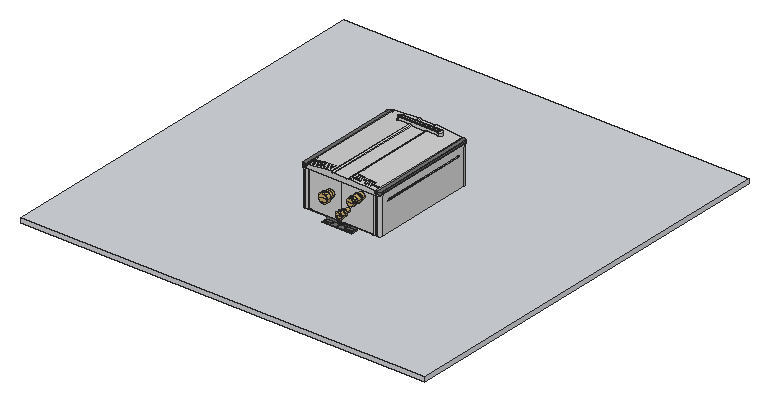
Revit family "Water_Heater-Rinnai-Ultra-Condensing-Tankless-RUR98e", category Mechanical Equipment, host Face, Revit 2012 (continued)
Definition of nested family "Pipes"
  Lines and regions (in)
    Masking region 5, detail levels coarse+medium
      outline origin (0, 0, 0) x (1, 0, 0) y (0, 1, 0)
        loop
          line (0.83051, 1.33858) -> (0.83051, -1.52012) -> (2.46606, -1.52012) -> (2.46606, 1.33858) -> (0.83051, 1.33858)
        loop
          line (3.81497, 1.33858) -> (3.81497, -1.9303) -> (5.5883, -1.9303) -> (5.5883, 1.33858) -> (3.81497, 1.33858)
    Masking region 6, detail levels coarse+medium
      outline origin (0, 0, 0) x (0, 1, 0) y (0, 0, 1)
        loop
          line (1.33858, 8.70923) -> (-1.9328, 8.70923) -> (-1.9328, 6.93495) -> (1.33858, 6.93495) -> (1.33858, 8.70923)
        loop
          line (1.33858, 6.87027) -> (-0.94512, 6.87027) -> (-0.94512, 4.59064) -> (1.33858, 4.59064) -> (1.33858, 6.87027)
        loop
          line (1.33858, 4.57335) -> (-1.52088, 4.57335) -> (-1.52088, 2.93724) -> (1.33858, 2.93724) -> (1.33858, 4.57335)
    symbolic lines, style "Water Heater", detail levels fine
      curve 1: line (-3.41642, 0.72441, 0) -> (-1.7228, 0.72441, 0)
      curve 2: line (-3.54097, 0.04753, 0) -> (-1.63369, 0.04753, 0)
      curve 3: line (1.237, 0, 0) -> (2.05957, 0, 0)
      curve 4: line (4.02453, 0.44515, 0) -> (5.37873, 0.44515, 0)
      curve 5: line (3.87007, -0.96244, 0) -> (5.53368, -0.96244, 0)
      curve 6: circle (4.70163, 0, 7.82256) r 0.8 normal (0, -1, 0)
      curve 7: circle (4.70163, 0, 7.82256) r 0.75 normal (0, -1, 0)
      curve 8: line (0, 0.72441, 4.88486) -> (0, 0.72441, 6.57826)
      curve 9: line (0, 0.04595, 6.6658) -> (0, 0.04595, 4.79698)
      curve 10: line (0, 0, 4.16483) -> (0, 0, 3.34503)
      curve 11: line (0, 0.4452, 8.49744) -> (0, 0.4452, 7.14325)
      curve 12: line (0, -0.96244, 8.65223) -> (0, -0.96244, 6.98845)
      curve 13: circle (-2.57004, 0, 5.73209) r 1 normal (0, -1, 0)
    symbolic lines, style "Water Heater"
      curve 14: line (0, -1.44122, 4.57262) -> (0, -1.44122, 2.93724)
  Dimensions and locks (in)
    aligned and locked: plane 2 to level
